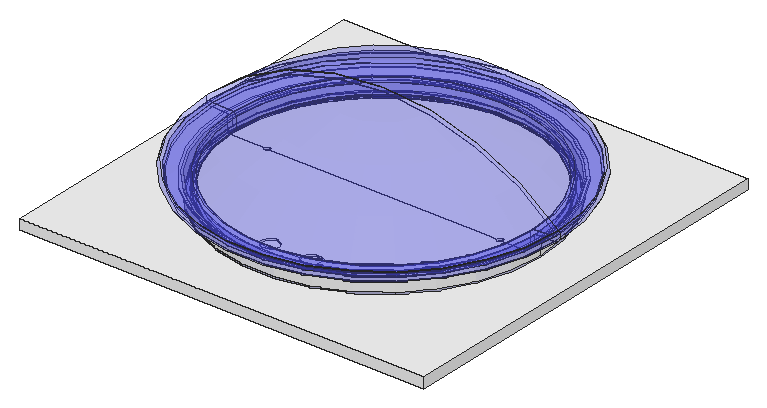
Revit family "BE_12142_de_DE", category Leuchten, Revit 2020
Family settings
  Basisbauteil = Fläche
  Bemaßung runder Anschluss = Durchmesser verwenden
  Teiletyp = Normal
  Beim Laden mit Abzugskörper schneiden = Ja
  Lichtquelle = Ja
  Gemeinsam genutzt = Nein
  Raumberechnungspunkt = Ja
Parameters (values of type "BEGA_12142_K3")
  built-in parameter 1150104 = 11.585 (stored number, unit not read)
  Wattage = 16.8 W
  Default Elevation = 0 mm
  built-in parameter 1150113 = 1 (stored number, unit not read)
  built-in parameter 1114218 = 1 (stored number, unit not read)
  Umgebungstemperatur = "25 °C"
  URL = "https://www.bega.com/de/produkt/12142"
  Typenkommentare = "© 2022 BEGA. Wir behalten uns das Recht vor, technische Änderungen ohne vorherige Ankündigung vorzunehmen."  # constant formula
  built-in parameter 1150134 = (empty or 0)
  built-in parameter 1150109 = 1 (stored number, unit not read)
  Strom = ""
  built-in parameter 1150110 = 1 (stored number, unit not read)
  Spannung = 230 V
  Sonderanfertigung = no
  Seriennummer [instance] = "Hier können Sie die eindeutige Seriennummer für das Facility Management eintragen."
  Schutzklasse = "I"
  Schutzart = "IP 20"
  Scheinlast = 0 VA
  Produktdatenblatt = "http://www.bega.de/download/Xrfa/db/12142.db.de.pdf"
  Oberflächentemperatur = ""
  Neigungswinkel = 0.00°
  Model = "12142K2"
  Material_17 = BEGA_Reflektor
  Material_15 = BEGA_Leuchtmedium_matt
  Material_11 = BEGA_Glas_opal
  Material_09 = BEGA_Glas_klar
  Material_06 = BEGA_Oberfläche_Edelstahl_gebürstet
  Material_03 = BEGA_Oberfläche_Weiss_matt
  Material_02 = BEGA_Oberfläche_Silber_matt
  Material_01 [instance] = BEGA_Oberfläche_Grafit_matt
  M_W = no
  M_G = no
  M_A = no
  Logo = 0
  built-in parameter 1114217 = 1 (stored number, unit not read)
  built-in parameter 1150139 = (empty or 0)
  built-in parameter 1150105 = 602.17 (stored number, unit not read)
  built-in parameter 1150114 = 1 (stored number, unit not read)
  Lumens = 2094.96 lm
  built-in parameter 1150115 = 1 (stored number, unit not read)
  Leuchtenlichtstrom = "1425 lm"
  Leuchtenanzahl = ""
  Lebensdauerkriterien = "L70B50 @ 25 °C = 190000 h"
  Lastklassifizierung = Beleuchtung
  built-in parameter 1150112 = 1 (stored number, unit not read)
  Lampenlichtstrom = "2095 lm"
  Lamp = "LED 16.8 W"
  LED_Modulbezeichnung = "LED-0547/927"
  Hersteller = "BEGA"  # constant formula
  Halbstreuwinkel = ""
  Gewicht = "2.4 kg"
  Gebrauchslageneinschränkung [instance] = ""
  Frequenz = "50 Hz"
  Farbwiedergabeindex = "CRI > 90"
  Farbtemperaturverschiebung bei Dämpfen der Lampe = <Keine Auswahl>
  Farbtemperatur = "2700 K"
  Color Filter = 16777215
  built-in parameter 1150133 = 10 (stored number, unit not read)
  Energieeffizienzklasse = "LED A++ - A"
  built-in parameter 1150137 = (empty or 0)
  built-in parameter 1150132 = (empty or 0)
  ENEC = ""
  Dimmbar [instance] = ""
  Photometric Web File = "BE_12142K2.IES"
  CE_Konformität = "ja"
  Bestellnummer = "12142K2"
  Beschreibung_Sonderanfertigung = "Hier können Sie Informationen zur Sonderanfertigung eintragen."
  Beschreibung = "Decken- und Wandleuchte"
  built-in parameter 1150106 = 6.0217 (stored number, unit not read)
  Befestigungsbohrung = "Ø 5,5 mm"
  Befestigungsabstand = "230 mm"
  Ballwurfsicher = ""
  BEGA_Intern_aus = yes
  BEGA_Intern_an = yes
  BEGA_Intern_Konstruktion = yes
  BEGA_Intern = yes
  BEGA_IES = yes
  BEGA_Dummy = no
  Anschlussleitung = ""
  Anschlussleistung [instance] = "21.9 W"
  Anschlusskasten = ""
  built-in parameter 1150107 = 2700 (stored number, unit not read)
  built-in parameter 1150102 = (empty or 0)
  built-in parameter 1150138 = (empty or 0)
  Aktualisierung = "2020-07-27T04:00:12"
  Abstand_zur_angestrahlten_Fläche [instance] = ""
  AC/DC = "AC"
Types (2, lengths in mm): name | built-in parameter 1150104 | built-in parameter 1150134 | Model | built-in parameter 1150105 | Lumens | Leuchtenlichtstrom | Lampenlichtstrom | LED_Modulbezeichnung | Farbtemperatur | Photometric Web File | Bestellnummer | built-in parameter 1150106 | built-in parameter 1150107
  BEGA_12142_K3 | 11.669 (stored number, unit not read) | (empty or 0) | "12142K3" | 606.59 (stored number, unit not read) | 2110.08 lm | "1645 lm" | "2415 lm" | "LED-0511/930" | "3000 K" | "BE_12142K3.IES" | "12142K3" | 6.0659 (stored number, unit not read) | 3000 (stored number, unit not read)
  BEGA_12142_K27 | 12.087 (stored number, unit not read) | 12 | "12142K27" | 628.24 (stored number, unit not read) | 2185.68 lm | "1588 lm" | "2335 lm" | "LED-0511/927" | "2700 K" | "BE_12142K27.IES" | "12142K27" | 6.2824 (stored number, unit not read) | 4000 (stored number, unit not read)
Reference planes
  plane 1 "Mitte (Vorne/Hinten)": y = 0
  plane 2: z = 0
  plane 3 "Mitte (Links/Rechts)": x = 0
  plane 4 "Links": x = -175.231
  plane 5 "Rechts": x = 175.231
  plane 6 "Unten": y = -175.2
  plane 7 "Oben": y = 175.2
  plane 8 "Vorne": z = 98.4
  plane 9 "Hinten": z = 0
Forms (mm)
  Extrusion 1, solid, material "BEGA_Platte_Weiss"
    sketch origin (0, -1119.2, 0) x (1, 0, 0) y (0, 1, 0)
      loop
        line (-200, 1319.2) -> (-200, 919.2) -> (200, 919.2) -> (200, 1319.2) -> (-200, 1319.2)
    from 0 to -10
  Extrusion 2, solid, material "BEGA_Dummy_matt", visible <- "BEGA_Dummy"
    sketch origin (77.149, -76.023, 0) x (1, 0, 0) y (0, 1, 0)
      loop
        circle (-77.149, 76.023) r 175
    from 0 to 98.4
Dimensions and locks
  plane 1 "Mitte (Vorne/Hinten)" to Extrusion 1 = 200 mm
  aligned and locked: plane 2 to Extrusion 1
  aligned and locked: level to Extrusion 1
Nested families
  nested 1: "BE_12142" at (0, 0, 0) x (0, -1, 0) z (0, 0, 1), type "BE_12142"
Connectors
  electrical at (0, 0, 0), driven by "Lastklassifizierung", driven by "Spannung", driven by "Scheinlast"
    settings: index 1, voltage 230 V, apparent load 0 VA, apparent load phase1 0 VA, apparent load phase2 0 VA, apparent load phase3 0 VA, power factor 1, load classification "Beleuchtung", number of poles 1, system type 31, power factor state 1, is connector primary yes, connector utility no, sub classification motor no, connector description ""
Definition of nested family "BE_12142"
  Parameters (values of type "BE_12142")
    Default Elevation = 1 mm
    URL = "http://www.bega.de/de/produkt"
    Type Comments = "© 2015 BEGA. Wir behalten uns das Recht vor, technische Änderungen ohne vorherige Ankündigung vorzunehmen. "  # constant formula
    Type Image = (empty or 0)
    Neigungswinkel_um_Z2 = 0.00°
    Neigungswinkel_um_Z1 = 0.00°
    Neigungswinkel_um_Y2 = 0.00°
    Neigungswinkel_um_Y1 = 0.00°
    Neigungswinkel_um_X2 = 0.00°
    Neigungswinkel_um_X1 = 0.00°
    Material_17 = none
    Material_15 = none
    Material_11 = none
    Material_09 = none
    Material_06 = none
    Material_05 = none
    Material_03 = none
    Material_02 = none
    Material_01 = none
    M_W = yes
    M_G = yes
    M_A = yes
    Länge_Platte = 500 mm  # constant formula
    Höhe_Platte = -10 mm  # constant formula
    Manufacturer = "BEGA"  # constant formula
    Drehwinkel_um_Z2 = 0.00°
    Drehwinkel_um_Z1 = 0.00°
    Breite_Platte = 500 mm  # constant formula
  Reference planes
    plane 1 "Mitte (Oben/Unten)": y = 0
    plane 2: z = 0
    plane 3 "Mitte (Links/Rechts)": x = 0
    plane 4: y = 175.231
    plane 5: z = 98.4
    plane 6: y = -175.231
    plane 7: x = -175.2
    plane 8: x = 175.2
  Forms (mm)
    Extrusion 1, solid, detail levels medium
      sketch origin (0, 0, 0) x (1, 0, 0) y (0, 1, 0)
        loop
          line (-250, 250) -> (-250, -250) -> (250, -250) -> (250, 250) -> (-250, 250)
      from 0 to -10 <- "Höhe_Platte"
    Revolve 2, solid, material <- "Material_03", detail levels medium+fine
      sketch origin (0, 0, 0) x (0, 1, 0) y (0, 0, 1)
        loop
          line (159, 19.8) -> (159, 20.8) -> (156.831, 20.8)
          arc (156.831, 20.8) -> (155.563, 20.284) -> (155.024, 19.025) r 1.8
          line (155.024, 19.025) -> (154.767, 4.283)
          arc (154.767, 4.283) -> (154.468, 3.587) -> (153.767, 3.3) r 1
          line (153.767, 3.3) -> (0, 3.3) -> (0, 2.3) -> (153.767, 2.3)
          arc (153.767, 2.3) -> (155.169, 2.873) -> (155.767, 4.265) r 2
          line (155.767, 4.265) -> (156.024, 19.01)
          arc (156.024, 19.01) -> (156.264, 19.571) -> (156.829, 19.8) r 0.8
          line (156.829, 19.8) -> (159, 19.8)
        axis (0, 2.3) -> (0, 20.8)
      angle from 0 to 360
    Revolve 3, solid, material <- "Material_03", detail levels medium+fine
      sketch origin (0, 0, 0) x (0, 1, 0) y (0, 0, 1)
        loop
          arc (124.13, 1.943) -> (124.474, 2.206) -> (124.896, 2.3) r 1
          line (124.896, 2.3) -> (125.896, 3.3) -> (117.75, 3.3) -> (117.75, 0) -> (121.108, 0)
          arc (121.108, 0) -> (122.369, 0.281) -> (123.395, 1.067) r 3
          line (123.395, 1.067) -> (124.13, 1.943)
        axis (115, 3.3) -> (115, 0)
      angle from 0 to 360
    Revolve 4, solid, material <- "Material_03", detail levels medium+fine
      sketch origin (0, 0, 0) x (0, -1, 0) y (0, 0, 1)
        loop
          arc (124.13, 1.943) -> (124.474, 2.206) -> (124.896, 2.3) r 1
          line (124.896, 2.3) -> (125.896, 3.3) -> (117.75, 3.3) -> (117.75, 0) -> (121.108, 0)
          arc (121.108, 0) -> (122.369, 0.281) -> (123.395, 1.067) r 3
          line (123.395, 1.067) -> (124.13, 1.943)
        axis (115, 3.3) -> (115, 0)
      angle from 0 to 360
    Extrusion 5, void
      sketch origin (0, 0, 0) x (1, 0, 0) y (0, 1, 0)
        loop
          circle (115, 20) r 8.5
        loop
          circle (115, -20) r 8.5
        loop
          circle (0, 115) r 2.75
        loop
          circle (0, -115) r 2.75
      from 1.096 to 7.205
    Revolve 6, solid, material <- "Material_11", detail levels medium+fine
      sketch origin (0, 0, 0) x (0, 1, 0) y (0, 0, 1)
        loop
          line (153.75, 4.9) -> (153.75, 8.389)
          arc (153.75, 8.389) -> (153.616, 8.889) -> (153.25, 9.256) r 1
          line (153.25, 9.256) -> (149.499, 11.421)
          arc (149.499, 11.421) -> (149.133, 11.787) -> (149, 12.287) r 1
          line (149, 12.287) -> (149, 19.451)
          arc (149, 19.451) -> (149.277, 20.142) -> (149.956, 20.45) r 1
          line (149.956, 20.45) -> (169.559, 21.477)
          arc (169.559, 21.477) -> (174.894, 25.484) -> (173.228, 31.944) r 6
          arc (173.228, 31.944) -> (92.769, 81.216) -> (0, 98.4) r 258.999
          line (0, 98.4) -> (0, 94.4)
          arc (0, 94.4) -> (91.33, 77.483) -> (170.543, 28.978) r 255
          arc (170.543, 28.978) -> (171.123, 26.82) -> (169.341, 25.472) r 2
          line (169.341, 25.472) -> (148.791, 24.394)
          arc (148.791, 24.394) -> (146.425, 23.461) -> (145.1, 21.289) r 4
          line (145.1, 21.289) -> (145.1, 11.074)
          arc (145.1, 11.074) -> (145.5, 9.577) -> (146.592, 8.479) r 3.001
          line (146.592, 8.479) -> (148.263, 7.514)
          arc (148.263, 7.514) -> (149.358, 6.407) -> (149.75, 4.9) r 3.002
          line (149.75, 4.9) -> (153.75, 4.9)
        axis (0, 98.4) -> (0, 4.9)
      angle from 0 to 360
  Cuts and joins
    Extrusion 5 cuts Revolve 2
    Extrusion 5 cuts Revolve 3
    Extrusion 5 cuts Revolve 4
    joined: Revolve 2, Revolve 3, Revolve 4
  Dimensions and locks
    equal spacing: Extrusion 1 sketch curve, plane 3 "Mitte (Links/Rechts)", Extrusion 1 sketch curve
    equal spacing: Extrusion 1 sketch curve, plane 1 "Mitte (Oben/Unten)", Extrusion 1 sketch curve
    "Länge_Platte": Extrusion 1 sketch curve to Extrusion 1 sketch curve
    "Breite_Platte": Extrusion 1 sketch curve to Extrusion 1 sketch curve
    aligned and locked: Extrusion 1 to plane 2
    aligned and locked: level to Extrusion 1
  Automatic sketch dimensions
    Revolve 3 sketch curve to level = 0 mm
    level to Revolve 3 sketch curve = 3.3 mm
    Revolve 3 sketch curve to Revolve 3 sketch curve = 3.351 mm
    Revolve 3 sketch curve to Revolve 3 sketch curve = 0.007 mm
    level to Revolve 3 sketch curve = 1.067 mm
    Revolve 3 sketch curve to Revolve 3 sketch curve = 2.287 mm
    level to Revolve 3 sketch curve = 2.3 mm
    Revolve 3 sketch curve to Revolve 3 sketch curve = 1.501 mm
    Revolve 3 sketch curve to Revolve 3 sketch curve = 0 mm  (x2)
    Revolve 3 sketch curve to Revolve 3 sketch curve = 1 mm  (x2)
    Revolve 3 sketch curve to Revolve 3 sketch curve = 2.75 mm
    level to Revolve 3 sketch curve = 1.943 mm
    Revolve 3 sketch curve to Revolve 3 sketch curve = 0.766 mm
    Revolve 3 sketch curve to level = 2.001 mm
    Revolve 3 sketch curve to Revolve 3 sketch curve = 2 mm
    Revolve 4 sketch curve to level = 0 mm
    Revolve 4 sketch curve to level = 3.3 mm
    Revolve 4 sketch curve to Revolve 4 sketch curve = 3.351 mm
    Revolve 4 sketch curve to Revolve 4 sketch curve = 0.007 mm
    Revolve 4 sketch curve to level = 1.067 mm
    Revolve 4 sketch curve to Revolve 4 sketch curve = 2.287 mm
    Revolve 4 sketch curve to level = 2.3 mm
    Revolve 4 sketch curve to Revolve 4 sketch curve = 1.501 mm
    Revolve 4 sketch curve to Revolve 4 sketch curve = 0 mm  (x2)
    Revolve 4 sketch curve to Revolve 4 sketch curve = 1 mm  (x2)
    Revolve 4 sketch curve to Revolve 4 sketch curve = 2.75 mm
    Revolve 4 sketch curve to level = 1.943 mm
    Revolve 4 sketch curve to Revolve 4 sketch curve = 0.766 mm
    level to Revolve 4 sketch curve = 2.001 mm
    Revolve 4 sketch curve to Revolve 4 sketch curve = 2 mm
    Revolve 3 sketch curve to plane 1 "Mitte (Oben/Unten)" = 117.75 mm
    Revolve 4 sketch curve to plane 1 "Mitte (Oben/Unten)" = 117.75 mm
    Revolve 2 sketch curve to Revolve 2 sketch curve = 0 mm  (x11)
    Revolve 2 sketch curve to plane 1 "Mitte (Oben/Unten)" = 0 mm  (x2)
    level to Revolve 2 sketch curve = 4.3 mm
    level to Revolve 2 sketch curve = 4.283 mm
    Revolve 2 sketch curve to Revolve 2 sketch curve = 1 mm  (x4)
    Revolve 2 sketch curve to Revolve 2 sketch curve = 0.257 mm
    Revolve 2 sketch curve to Revolve 2 sketch curve = 0.8 mm
    Revolve 2 sketch curve to Revolve 2 sketch curve = 0.004 mm
    Revolve 2 sketch curve to Revolve 2 sketch curve = 0.002 mm
    Revolve 2 sketch curve to Revolve 2 sketch curve = 2.169 mm
    Revolve 2 sketch curve to Revolve 2 sketch curve = 14.717 mm
    Revolve 2 sketch curve to Revolve 2 sketch curve = 0.01 mm
    Revolve 2 sketch curve to Revolve 2 sketch curve = 0.015 mm
    level to Revolve 2 sketch curve = 4.265 mm
    Revolve 2 sketch curve to Revolve 2 sketch curve = 4 mm
    Revolve 6 sketch curve to Revolve 6 sketch curve = 0 mm  (x13)
    Revolve 6 sketch curve to plane 1 "Mitte (Oben/Unten)" = 0 mm  (x3)
    plane 1 "Mitte (Oben/Unten)" to Revolve 6 sketch curve = 0 mm
    level to Revolve 6 sketch curve = 8.479 mm
    Revolve 6 sketch curve to Revolve 6 sketch curve = 1.492 mm
    Revolve 6 sketch curve to Revolve 6 sketch curve = 0.156 mm
    Revolve 6 sketch curve to Revolve 6 sketch curve = 1.509 mm
    level to Revolve 6 sketch curve = 7.514 mm
    Revolve 6 sketch curve to Revolve 6 sketch curve = 1.671 mm
    Revolve 6 sketch curve to Revolve 6 sketch curve = 3.9 mm
    level to Revolve 6 sketch curve = 11.421 mm
    Revolve 6 sketch curve to Revolve 6 sketch curve = 1.397 mm
    Revolve 6 sketch curve to Revolve 6 sketch curve = 3.001 mm
    Revolve 6 sketch curve to Revolve 6 sketch curve = 0.956 mm
    Revolve 6 sketch curve to Revolve 6 sketch curve = 0.044 mm
    Revolve 6 sketch curve to Revolve 6 sketch curve = 0.501 mm
    Revolve 6 sketch curve to Revolve 6 sketch curve = 3.251 mm
    Revolve 6 sketch curve to Revolve 6 sketch curve = 1 mm
    Revolve 6 sketch curve to Revolve 6 sketch curve = 19.275 mm
    level to Revolve 6 sketch curve = 25.472 mm
    Revolve 6 sketch curve to Revolve 6 sketch curve = 0.11 mm
    level to Revolve 6 sketch curve = 21.477 mm
    Revolve 6 sketch curve to Revolve 6 sketch curve = 0.219 mm
    Revolve 6 sketch curve to Revolve 6 sketch curve = 2.591 mm
    Revolve 6 sketch curve to level = 160.599 mm
    Revolve 6 sketch curve to Revolve 6 sketch curve = 3.489 mm
    Revolve 6 sketch curve to Revolve 6 sketch curve = 0.348 mm
    Revolve 6 sketch curve to Revolve 6 sketch curve = 0.866 mm  (x2)
    Revolve 6 sketch curve to Revolve 6 sketch curve = 7.164 mm
    Revolve 6 sketch curve to Revolve 6 sketch curve = 0.949 mm
    Revolve 6 sketch curve to Revolve 6 sketch curve = 0.05 mm
    Revolve 6 sketch curve to Revolve 6 sketch curve = 0.889 mm
    Revolve 6 sketch curve to Revolve 6 sketch curve = 1.997 mm
    level to Revolve 6 sketch curve = 94.4 mm
    Revolve 6 sketch curve to Revolve 6 sketch curve = 4 mm
    Revolve 6 sketch curve to Revolve 6 sketch curve = 0.209 mm
    Revolve 6 sketch curve to Revolve 6 sketch curve = 0.499 mm
    Revolve 6 sketch curve to Revolve 6 sketch curve = 0.5 mm
    level to Revolve 6 sketch curve = 9.256 mm
    Revolve 6 sketch curve to Revolve 6 sketch curve = 0.07 mm
    Extrusion 5 sketch curve to plane 3 "Mitte (Links/Rechts)" = 0 mm  (x2)
    plane 1 "Mitte (Oben/Unten)" to Extrusion 5 sketch curve = 20 mm
    Extrusion 5 sketch curve to plane 1 "Mitte (Oben/Unten)" = 20 mm
    plane 3 "Mitte (Links/Rechts)" to Extrusion 5 sketch curve = 115 mm
    Extrusion 5 sketch curve to Extrusion 5 sketch curve = 0 mm
    Revolve 2 sketch curve to plane 1 "Mitte (Oben/Unten)" = 153.767 mm
    Extrusion 5 sketch curve to plane 1 "Mitte (Oben/Unten)" = 115 mm
    Revolve 6 sketch curve to plane 1 "Mitte (Oben/Unten)" = 145.1 mm
    plane 1 "Mitte (Oben/Unten)" to Extrusion 5 sketch curve = 115 mm
    Revolve 6 sketch curve to Revolve 6 sketch curve = 26.07 mm
    radius of Extrusion 5 sketch curve = 8.5 mm  (x2)
    radius of Extrusion 5 sketch curve = 2.75 mm  (x2)
